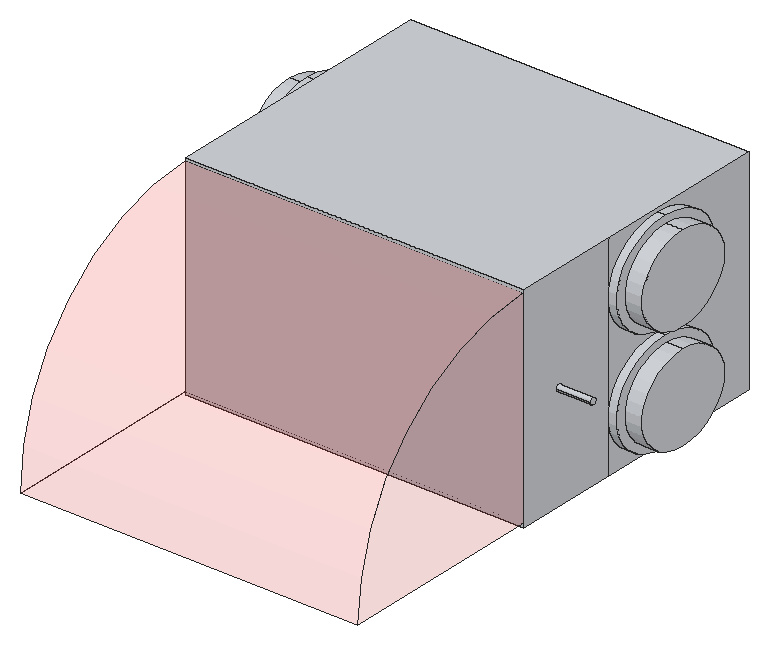
Revit family
Parameters (values of type "120 V Single Phase")
  Weight Scheduled [instance] = 72  # constant formula
  Voltage Workaround = Voltage / 1 V  # 120
  Voltage Scheduled = Voltage  # 120 V
  Voltage = 120 V  # constant formula
  VoltAmps Workaround [instance] = Voltage Workaround * Total FLA * sqrt(Phase)  # 396
  VoltAmps [instance] = VoltAmps Workaround * 1 VA  # 396 VA
  URL = "http://www.renewaire.com/_assets/files/SubmittalForms/EV300Submittal.pdf"
  Total FLA [instance] = 3.3  # constant formula
  Supply Motor RPM Scheduled [instance] = 0
  Supply Motor HP Scheduled [instance] = Supply Motor HP  # 0.2
  Supply Motor HP [instance] = 0.2  # constant formula
  Supply Motor FLA [instance] = 3.3  # constant formula
  Supply Motor Count Scheduled [instance] = Supply Motor Count  # 1
  Supply Motor Count [instance] = 1  # constant formula
  Supply ESP Scheduled [instance] = Supply ESP  # 1
  Supply ESP [instance] = if(Supply CFM < 156 CFM, 1, if(Supply CFM < 200 CFM, 0.9, if(Supply CFM < 250 CFM, 0.8, if(Supply CFM < 269 CFM, 0.7, if(Supply CFM < 290 CFM, 0.6, if(Supply CFM < 301 CFM, 0.5, if(Supply CFM < 311 CFM, 0.4, if(Supply CFM > 310 CFM, 0, 0))))))))  # 1
  Supply CFM Scheduled [instance] = Supply CFM  # 0 CFM
  Supply CFM [instance] = 0 CFM
  Supply Air Winter RH Scheduled [instance] = 0
  Supply Air Winter DB Scheduled [instance] = 0
  Supply Air Summer RH Scheduled [instance] = 0
  Supply Air Summer DB Scheduled [instance] = 0
  Phase Scheduled = Phase  # 1
  Phase = 1  # constant formula
  Outside Air Winter RH Scheduled [instance] = 0
  Outside Air Winter DB Scheduled [instance] = 0
  Outside Air Summer RH Scheduled [instance] = 0
  Outside Air Summer DB Scheduled [instance] = 0
  Number of Poles = 1
  Model = "EV300"
  Manufacturer = "RenewAire"
  MOCP Scheduled [instance] = 0
  MCA Scheduled [instance] = 0
  FLA Scheduled [instance] = Total FLA  # 3.3
  Exhaust RH Scheduled [instance] = 0
  Exhaust Motor RPM Scheduled [instance] = 0
  Exhaust Motor HP Scheduled [instance] = 0
  Exhaust Motor Count Scheduled [instance] = 0
  Exhaust ESP Scheduled [instance] = Exhaust ESP  # 1
  Exhaust ESP [instance] = if(Exhaust CFM < 156 CFM, 1, if(Exhaust CFM < 200 CFM, 0.9, if(Exhaust CFM < 250 CFM, 0.8, if(Exhaust CFM < 269 CFM, 0.7, if(Exhaust CFM < 290 CFM, 0.6, if(Exhaust CFM < 301 CFM, 0.5, if(Exhaust CFM < 311 CFM, 0.4, if(Exhaust CFM > 310 CFM, 0, 0))))))))  # 1
  Exhaust DB Scheduled [instance] = 0
  Exhaust CFM Scheduled [instance] = Exhaust CFM  # 0 CFM
  Exhaust CFM [instance] = 0 CFM
  Enthalpy Effect Winter Scheduled [instance] = if(Supply CFM < 156 CFM, 70, if(Supply CFM < 200 CFM, 67, if(Supply CFM < 250 CFM, 62, if(Supply CFM < 269 CFM, 61, if(Supply CFM < 290 CFM, 58, if(Supply CFM < 301 CFM, 57, if(Supply CFM < 311 CFM, 56, if(Supply CFM > 310 CFM, 0, 0))))))))  # 70
  Enthalpy Effect Summer Scheduled [instance] = if(Supply CFM < 156 CFM, 51, if(Supply CFM < 200 CFM, 48, if(Supply CFM < 250 CFM, 44, if(Supply CFM < 269 CFM, 42, if(Supply CFM < 290 CFM, 39, if(Supply CFM < 301 CFM, 38, if(Supply CFM < 311 CFM, 37, if(Supply CFM > 310 CFM, 0, 0))))))))  # 51
Reference planes (in)
  plane 1 "Center (Front/Back)": y = 0
  plane 2: z = 0
  plane 3 "Center (Left/Right)": x = 0
  plane 4 "MOUNTING FLANGE": y = 11.9375
Forms (in)
  Extrusion 1, solid
    sketch origin (0, -5.4375, 0) x (1, 0, 0) y (0, 1, 0)
      loop
        line (-14.375, 17.375) -> (-14.375, -6.5) -> (14.375, -6.5) -> (14.375, 2.5) -> (14.375, 17.375) -> (-14.375, 17.375)
    from 1 to 19.125
  Extrusion 2, solid
    sketch origin (0, 2.37659, -1.03398) x (0, 1, 0) y (0, 0, 1)
      loop
        spline (-0.18909, 11.97148) -> (0.94324, 12.09712) -> (1.99841, 12.46551) -> (2.9045, 13.05152) -> (3.59977, 13.81523) -> (4.03683, 14.70458) -> (4.18591, 15.65898) -> (4.03683, 16.61337) -> (3.59977, 17.50273) -> (2.9045, 18.26643) -> (1.99841, 18.85244) -> (0.94324, 19.22083) -> (-0.18909, 19.34648)
        spline (-0.18909, 19.34648) -> (-1.32143, 19.22083) -> (-2.37659, 18.85244) -> (-3.28269, 18.26643) -> (-3.97796, 17.50273) -> (-4.41502, 16.61337) -> (-4.56409, 15.65898) -> (-4.41502, 14.70458) -> (-3.97796, 13.81523) -> (-3.28269, 13.05152) -> (-2.37659, 12.46551) -> (-1.32143, 12.09712) -> (-0.18909, 11.97148)
    from 15.125 to 16.625
  Extrusion 3, solid
    sketch origin (0, -5.4375, 0.25) x (0, 1, 0) y (0, 0, 1)
      loop
        line (-6.5, 1) -> (-6.5, 18.625)
        arc (-6.5, 18.625) -> (-18.96276, 13.46276) -> (-24.125, 1) r 17.625
        line (-24.125, 1) -> (-6.5, 1)
    from 14.375 to -14.375
  Extrusion 4, solid
    sketch origin (0, 2.37659, -1.03398) x (0, 1, 0) y (0, 0, 1)
      loop
        spline (-0.18909, 11.40898) -> (1.16971, 11.55379) -> (2.43591, 11.97837) -> (3.52322, 12.65377) -> (4.35754, 13.53398) -> (4.88202, 14.55899) -> (5.06091, 15.65898) -> (4.88202, 16.75896) -> (4.35754, 17.78398) -> (3.52322, 18.66418) -> (2.43591, 19.33958) -> (1.16971, 19.76416) -> (-0.18909, 19.90898)
        spline (-0.18909, 19.90898) -> (-1.54789, 19.76416) -> (-2.81409, 19.33958) -> (-3.90141, 18.66418) -> (-4.73573, 17.78398) -> (-5.26021, 16.75896) -> (-5.43909, 15.65898) -> (-5.26021, 14.55899) -> (-4.73573, 13.53398) -> (-3.90141, 12.65377) -> (-2.81409, 11.97837) -> (-1.54789, 11.55379) -> (-0.18909, 11.40898)
    from 15.125 to 14.375
  Extrusion 5, solid
    sketch origin (0, 2.37659, -10.15898) x (0, 1, 0) y (0, 0, 1)
      loop
        spline (-0.18909, 11.97148) -> (0.94324, 12.09712) -> (1.99841, 12.46551) -> (2.9045, 13.05152) -> (3.59977, 13.81523) -> (4.03683, 14.70458) -> (4.18591, 15.65898) -> (4.03683, 16.61337) -> (3.59977, 17.50273) -> (2.9045, 18.26643) -> (1.99841, 18.85244) -> (0.94324, 19.22083) -> (-0.18909, 19.34648)
        spline (-0.18909, 19.34648) -> (-1.32143, 19.22083) -> (-2.37659, 18.85244) -> (-3.28269, 18.26643) -> (-3.97796, 17.50273) -> (-4.41502, 16.61337) -> (-4.56409, 15.65898) -> (-4.41502, 14.70458) -> (-3.97796, 13.81523) -> (-3.28269, 13.05152) -> (-2.37659, 12.46551) -> (-1.32143, 12.09712) -> (-0.18909, 11.97148)
    from 15.125 to 16.625
  Extrusion 6, solid
    sketch origin (0, 2.37659, -10.15898) x (0, 1, 0) y (0, 0, 1)
      loop
        spline (-0.18909, 11.40898) -> (1.16971, 11.55379) -> (2.43591, 11.97837) -> (3.52322, 12.65377) -> (4.35754, 13.53398) -> (4.88202, 14.55899) -> (5.06091, 15.65898) -> (4.88202, 16.75896) -> (4.35754, 17.78398) -> (3.52322, 18.66418) -> (2.43591, 19.33958) -> (1.16971, 19.76416) -> (-0.18909, 19.90898)
        spline (-0.18909, 19.90898) -> (-1.54789, 19.76416) -> (-2.81409, 19.33958) -> (-3.90141, 18.66418) -> (-4.73573, 17.78398) -> (-5.26021, 16.75896) -> (-5.43909, 15.65898) -> (-5.26021, 14.55899) -> (-4.73573, 13.53398) -> (-3.90141, 12.65377) -> (-2.81409, 11.97837) -> (-1.54789, 11.55379) -> (-0.18909, 11.40898)
    from 15.125 to 14.375
  Extrusion 7, solid
    sketch origin (0, 2.12659, -1.03398) x (0, 1, 0) y (0, 0, -1)
      loop
        spline (-0.18909, -11.97148) -> (-1.32143, -12.09712) -> (-2.37659, -12.46551) -> (-3.28269, -13.05152) -> (-3.97796, -13.81523) -> (-4.41502, -14.70458) -> (-4.56409, -15.65898) -> (-4.41502, -16.61337) -> (-3.97796, -17.50273) -> (-3.28269, -18.26643) -> (-2.37659, -18.85244) -> (-1.32143, -19.22083) -> (-0.18909, -19.34648)
        spline (-0.18909, -19.34648) -> (0.94324, -19.22083) -> (1.99841, -18.85244) -> (2.9045, -18.26643) -> (3.59977, -17.50273) -> (4.03683, -16.61337) -> (4.18591, -15.65898) -> (4.03683, -14.70458) -> (3.59977, -13.81523) -> (2.9045, -13.05152) -> (1.99841, -12.46551) -> (0.94324, -12.09712) -> (-0.18909, -11.97148)
    from 15.125 to 16.625
  Extrusion 8, solid
    sketch origin (0, 2.12659, -1.03398) x (0, 1, 0) y (0, 0, -1)
      loop
        spline (-0.18909, -11.40898) -> (-1.54789, -11.55379) -> (-2.81409, -11.97837) -> (-3.90141, -12.65377) -> (-4.73573, -13.53398) -> (-5.26021, -14.55899) -> (-5.43909, -15.65898) -> (-5.26021, -16.75896) -> (-4.73573, -17.78398) -> (-3.90141, -18.66418) -> (-2.81409, -19.33958) -> (-1.54789, -19.76416) -> (-0.18909, -19.90898)
        spline (-0.18909, -19.90898) -> (1.16971, -19.76416) -> (2.43591, -19.33958) -> (3.52322, -18.66418) -> (4.35754, -17.78398) -> (4.88202, -16.75896) -> (5.06091, -15.65898) -> (4.88202, -14.55899) -> (4.35754, -13.53398) -> (3.52322, -12.65377) -> (2.43591, -11.97837) -> (1.16971, -11.55379) -> (-0.18909, -11.40898)
    from 15.125 to 14.375
  Extrusion 9, solid
    sketch origin (0, 2.12659, -10.15898) x (0, 1, 0) y (0, 0, -1)
      loop
        spline (-0.18909, -11.97148) -> (-1.32143, -12.09712) -> (-2.37659, -12.46551) -> (-3.28269, -13.05152) -> (-3.97796, -13.81523) -> (-4.41502, -14.70458) -> (-4.56409, -15.65898) -> (-4.41502, -16.61337) -> (-3.97796, -17.50273) -> (-3.28269, -18.26643) -> (-2.37659, -18.85244) -> (-1.32143, -19.22083) -> (-0.18909, -19.34648)
        spline (-0.18909, -19.34648) -> (0.94324, -19.22083) -> (1.99841, -18.85244) -> (2.9045, -18.26643) -> (3.59977, -17.50273) -> (4.03683, -16.61337) -> (4.18591, -15.65898) -> (4.03683, -14.70458) -> (3.59977, -13.81523) -> (2.9045, -13.05152) -> (1.99841, -12.46551) -> (0.94324, -12.09712) -> (-0.18909, -11.97148)
    from 15.125 to 16.625
  Extrusion 10, solid
    sketch origin (0, 2.12659, -10.15898) x (0, 1, 0) y (0, 0, -1)
      loop
        spline (-0.18909, -11.40898) -> (-1.54789, -11.55379) -> (-2.81409, -11.97837) -> (-3.90141, -12.65377) -> (-4.73573, -13.53398) -> (-5.26021, -14.55899) -> (-5.43909, -15.65898) -> (-5.26021, -16.75896) -> (-4.73573, -17.78398) -> (-3.90141, -18.66418) -> (-2.81409, -19.33958) -> (-1.54789, -19.76416) -> (-0.18909, -19.90898)
        spline (-0.18909, -19.90898) -> (1.16971, -19.76416) -> (2.43591, -19.33958) -> (3.52322, -18.66418) -> (4.35754, -17.78398) -> (4.88202, -16.75896) -> (5.06091, -15.65898) -> (4.88202, -14.55899) -> (4.35754, -13.53398) -> (3.52322, -12.65377) -> (2.43591, -11.97837) -> (1.16971, -11.55379) -> (-0.18909, -11.40898)
    from 15.125 to 14.375
  Extrusion 11, solid
    sketch origin (14.375, 32.12294, 0) x (0, -1, 0) y (0, 0, -1)
      loop
        circle (40.43704, -10.09583) r 0.25
    from 0 to 3
Cuts and joins
  joined: Extrusion 1, Extrusion 2, Extrusion 4, Extrusion 5, Extrusion 6, Extrusion 7, Extrusion 8, Extrusion 9, Extrusion 10, Extrusion 11
Lines and regions (in)
  model lines, style "RenewAire ERV"
    curve 1: line (-14.375, 11.9375, 19.125) -> (-13.375, 11.9375, 20.125)
    curve 2: line (-13.375, 11.9375, 20.125) -> (13.375, 11.9375, 20.125)
    curve 3: line (14.375, 11.9375, 19.125) -> (13.375, 11.9375, 20.125)
    curve 4: circle (-4, 11.9375, 19.64389) r 0.25 normal (0, 1, 0)
    curve 5: circle (-12, 11.9375, 19.64389) r 0.25 normal (0, 1, 0)
    curve 6: circle (4, 11.9375, 19.64389) r 0.25 normal (0, -1, 0)
    curve 7: circle (12, 11.9375, 19.64389) r 0.25 normal (0, -1, 0)
    curve 8: line (-14.375, 11.9375, 1) -> (-13.375, 11.9375, 0)
    curve 9: line (-13.375, 11.9375, 0) -> (13.375, 11.9375, 0)
    curve 10: line (14.375, 11.9375, 1) -> (13.375, 11.9375, 0)
    curve 11: circle (-4, 11.9375, 0.48111) r 0.25 normal (0, -1, 0)
    curve 12: circle (-12, 11.9375, 0.48111) r 0.25 normal (0, -1, 0)
    curve 13: circle (4, 11.9375, 0.48111) r 0.25 normal (0, 1, 0)
    curve 14: circle (12, 11.9375, 0.48111) r 0.25 normal (0, 1, 0)
Dimensions and locks (in)
  aligned and locked: plane 4 "MOUNTING FLANGE" to cut or joined group of Extrusion 1, Extrusion 2, Extrusion 4, Extrusion 5, Extrusion 6, Extrusion 7, Extrusion 8, Extrusion 9, Extrusion 10, Extrusion 11
Connectors (in)
  hvac at (16.625, 2.1875, 14.625), driven by "Exhaust CFM"
    settings: on Extrusion 2, index 6, duct flow 0 CFM, flow factor 0, pres drop 0.00 in-wg, loss coef 0, conn angle 0.00°, conn width 12", conn height 12", conn radius 4", duct sys type 3, conn prof type 0, flow config 1, flow direction 2, loss method 0, conn ref index -1, conn util no, is conn primary yes, conn desc ""
  hvac at (16.625, 2.1875, 5.5), driven by "Supply CFM"
    settings: on Extrusion 5, index 7, duct flow 0 CFM, flow factor 0, pres drop 0.00 in-wg, loss coef 0, conn angle 0.00°, conn width 12", conn height 12", conn radius 4", duct sys type 1, conn prof type 0, flow config 0, flow direction 2, loss method 0, conn ref index -1, conn util no, is conn primary no, conn desc ""
  hvac at (-16.625, 1.9375, 14.625), driven by "Supply CFM"
    settings: on Extrusion 7, index 8, duct flow 0 CFM, flow factor 0, pres drop 0.00 in-wg, loss coef 0, conn angle 0.00°, conn width 12", conn height 12", conn radius 4", duct sys type 1, conn prof type 0, flow config 1, flow direction 1, loss method 0, conn ref index -1, conn util no, is conn primary no, conn desc ""
  hvac at (-16.625, 1.9375, 5.5), driven by "Exhaust CFM"
    settings: on Extrusion 9, index 9, duct flow 0 CFM, flow factor 0, pres drop 0.00 in-wg, loss coef 0, conn angle 0.00°, conn width 12", conn height 12", conn radius 4", duct sys type 3, conn prof type 0, flow config 0, flow direction 1, loss method 0, conn ref index -1, conn util no, is conn primary no, conn desc ""
  electrical at (17.375, -8.3141, 10.09583), driven by "VoltAmps", driven by "VoltAmps", driven by "Voltage", driven by "Number of Poles"
    settings: on Extrusion 11, index 10, voltage 120 V, apparent load 396 VA, apparent load phase1 396 VA, apparent load phase2 0 VA, apparent load phase3 0 VA, power factor 1, load classification "HVAC", number of poles 1, system type 30, power factor state 1, is connector primary yes, connector utility no, sub classification motor no, connector description "CORD CONNECTED"
